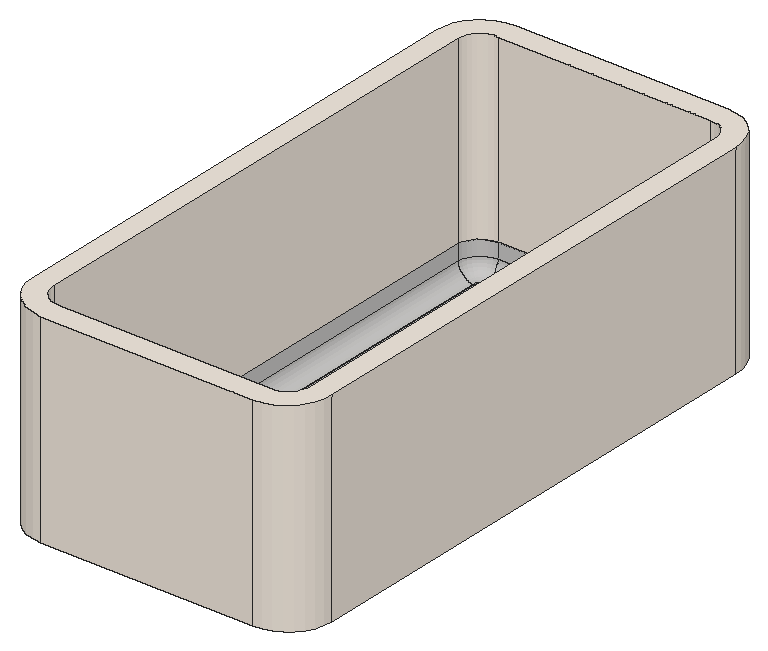
Revit family "Sink-Corian-European-Sparkling-9501", category Plumbing Fixtures, host Face, Revit 2015
Parameters (values of type "9501")
  Width = 174 mm
  WFU = 0
  Version = "2015 - v1.0b"  # constant formula
  URL = "http://www.corian.uk/-the-complete-residential-surfaces-solutions-"
  Sink Colors Available = "Available in all the colours of Corian for kitchen worksurfaces"  # constant formula
  Sink Base = Metal - DuPont - Stainless Steel
  Product Page URL = "http://www.corian.uk/-kitchen-sinks-"
  Model = "Sparkling 9501"  # constant formula
  Manufacturer = "DuPont"  # constant formula
  Length = 344 mm
  Interior Width = 149 mm
  Interior Length = 319 mm
  Interior Depth = 137 mm
  HWFU = 0
  Finish = Solid Surface Sink - DuPont - Bisque
  Description = "Kitchen Sink Europe Specification"  # constant formula
  Depth = 147 mm
  Default Elevation = 1219.2 mm
  Cost = 0
  CWFU = 0
Reference planes
  plane 1 "Center (Front/Back)": y = 0
  plane 2: z = 0
  plane 3 "Center (Left/Right)": x = 0
  plane 4: y = 172
  plane 5: y = -172
  plane 6: x = -87
  plane 7: x = 87
  plane 8: z = -159
  plane 9: x = -74.5
  plane 10: x = 74.5
  plane 11: y = 159.5
  plane 12: y = -159.5
  plane 13 "NAME": z = -12
  plane 14: z = -136.613
  plane 15: z = -149
Forms (mm)
  Extrusion 1, void
    sketch origin (0, 0, 0) x (1, 0, 0) y (0, 1, 0)
      loop
        arc (-74.5, -146.5) -> (-70.692, -155.692) -> (-61.5, -159.5) r 13
        line (-61.5, -159.5) -> (61.5, -159.5)
        arc (61.5, -159.5) -> (70.692, -155.692) -> (74.5, -146.5) r 13
        line (74.5, -146.5) -> (74.5, 146.5)
        arc (74.5, 146.5) -> (70.692, 155.692) -> (61.5, 159.5) r 13
        line (61.5, 159.5) -> (-61.5, 159.5)
        arc (-61.5, 159.5) -> (-70.692, 155.692) -> (-74.5, 146.5) r 13
        line (-74.5, 146.5) -> (-74.5, -146.5)
    from -159 to 0
  Sweep 2, solid, material "Solid Surface Sink - DuPont - Bisque" <- "Finish"
    path origin (0, 0, 0) x (1, 0, 0) y (0, 1, 0)
      loop
        line (61.5, 172) -> (-61.5, 172)
        arc (-61.5, 172) -> (-79.531, 164.531) -> (-87, 146.5) r 25.5
        line (-87, 146.5) -> (-87, -146.5)
        arc (-87, -146.5) -> (-79.531, -164.531) -> (-61.5, -172) r 25.5
        line (-61.5, -172) -> (61.5, -172)
        arc (61.5, -172) -> (79.531, -164.531) -> (87, -146.5) r 25.5
        line (87, -146.5) -> (87, 146.5)
        arc (87, 146.5) -> (79.531, 164.531) -> (61.5, 172) r 25.5
    profile origin (0, 172, 0) x (0, -1, 0) y (0, 0, 1)
      loop
        line (0, -12) -> (0, -129.611) -> (6.25, -129.611) -> (6.25, -118.812) -> (12.5, -118.812) -> (12.5, -12) -> (0, -12)
  Sweep 3, solid, material "Metal - DuPont - Stainless Steel" <- "Sink Base"
    path origin (0, 0, 0) x (1, 0, 0) y (0, 1, 0)
      loop
        line (61.5, 172) -> (-61.5, 172)
        arc (-61.5, 172) -> (-79.531, 164.531) -> (-87, 146.5) r 25.5
        line (-87, 146.5) -> (-87, -146.5)
        arc (-87, -146.5) -> (-79.531, -164.531) -> (-61.5, -172) r 25.5
        line (-61.5, -172) -> (61.5, -172)
        arc (61.5, -172) -> (79.531, -164.531) -> (87, -146.5) r 25.5
        line (87, -146.5) -> (87, 146.5)
        arc (87, 146.5) -> (79.531, 164.531) -> (61.5, 172) r 25.5
    profile origin (0, 172, 0) x (0, -1, 0) y (0, 0, 1)
      loop
        line (10.198, -118.812) -> (10.198, -127.67)
        arc (10.198, -127.67) -> (13.492, -135.62) -> (21.443, -138.912) r 11.243
        line (21.443, -138.912) -> (21.443, -136.612)
        arc (21.443, -136.612) -> (15.119, -133.993) -> (12.5, -127.67) r 8.943
        line (12.5, -127.67) -> (12.5, -118.812) -> (10.198, -118.812)
  Revolve 4, solid, material "Metal - DuPont - Stainless Steel" <- "Sink Base"
    sketch origin (0, 0, 0) x (0, 1, 0) y (0, 0, 1)
      loop
        line (109.2, -158.812) -> (110.383, -158.812)
        arc (110.383, -158.812) -> (120.405, -156.192) -> (127.862, -149) r 20.474
        line (127.862, -149) -> (109.2, -149) -> (109.2, -158.812)
      axis (64.2, -149) -> (64.2, -158.812)
    angle from 0 to 360
  SweptBlend 5, solid, material "Metal - DuPont - Stainless Steel" <- "Sink Base"
    path origin (0, 0, 0) x (1, 0, 0) y (0, 0, 1)
      loop
        line (0, -149) -> (0, -136.613)
    profile origin (0, 0, -149) x (-1, 0, 0) y (0, -1, 0)
      loop
        circle (0, -64.739) r 63.662
    end profile origin (0, 0, -136.613) x (-1, 0, 0) y (0, -1, 0)
      loop
        line (65.557, -146.5) -> (65.557, 146.5)
        arc (65.557, 146.5) -> (64.369, 149.369) -> (61.5, 150.557) r 4.057
        line (61.5, 150.557) -> (-61.5, 150.557)
        arc (-61.5, 150.557) -> (-64.369, 149.369) -> (-65.557, 146.5) r 4.057
        line (-65.557, 146.5) -> (-65.557, -146.5)
        arc (-65.557, -146.5) -> (-64.369, -149.369) -> (-61.5, -150.557) r 4.057
        line (-61.5, -150.557) -> (61.5, -150.557)
        arc (61.5, -150.557) -> (64.369, -149.369) -> (65.557, -146.5) r 4.057
  SweptBlend 6, void
    path origin (0, 0, 0) x (1, 0, 0) y (0, 0, 1)
      loop
        line (0, -149) -> (0, -136.612)
    profile origin (0, 0, -149) x (-1, 0, 0) y (0, -1, 0)
      loop
        circle (0, -64.739) r 45
    end profile origin (0, 0, -136.612) x (-1, 0, 0) y (0, -1, 0)
      loop
        line (55.557, -140.557) -> (55.557, 140.557) -> (-55.557, 140.557) -> (-55.557, -140.557) -> (55.557, -140.557)
Cuts and joins
  SweptBlend 6 cuts Sweep 3
  joined: Sweep 3, Revolve 4
  SweptBlend 6 cuts SweptBlend 5
Lines and regions (mm)
  Masking region 1
    outline origin (-322.065, -4572, -12) x (-1, 0, 0) y (0, -1, 0)
      loop
        arc (-247.565, -4425.5) -> (-251.372, -4416.308) -> (-260.565, -4412.5) r 13
        line (-260.565, -4412.5) -> (-383.565, -4412.5)
        arc (-383.565, -4412.5) -> (-392.757, -4416.308) -> (-396.565, -4425.5) r 13
        line (-396.565, -4425.5) -> (-396.565, -4718.5)
        arc (-396.565, -4718.5) -> (-392.757, -4727.692) -> (-383.565, -4731.5) r 13
        line (-383.565, -4731.5) -> (-260.565, -4731.5)
        arc (-260.565, -4731.5) -> (-251.372, -4727.692) -> (-247.565, -4718.5) r 13
        line (-247.565, -4718.5) -> (-247.565, -4425.5)
  Masking region 2, detail levels medium+fine
    outline origin (-322.065, -4572, -12) x (-1, 0, 0) y (0, -1, 0)
      loop
        circle (-322.065, -4636.739) r 45
  Masking region 3, detail levels fine
    outline origin (-322.065, -4572, -12) x (-1, 0, 0) y (0, -1, 0)
      loop
        arc (-256.508, -4425.5) -> (-257.696, -4422.631) -> (-260.565, -4421.443) r 4.057
        line (-260.565, -4421.443) -> (-383.565, -4421.443)
        arc (-383.565, -4421.443) -> (-386.434, -4422.631) -> (-387.622, -4425.5) r 4.057
        line (-387.622, -4425.5) -> (-387.622, -4718.5)
        arc (-387.622, -4718.5) -> (-386.434, -4721.369) -> (-383.565, -4722.557) r 4.057
        line (-383.565, -4722.557) -> (-260.565, -4722.557)
        arc (-260.565, -4722.557) -> (-257.696, -4721.369) -> (-256.508, -4718.5) r 4.057
        line (-256.508, -4718.5) -> (-256.508, -4425.5)
Dimensions and locks
  equal spacing: plane 4, plane 1 "Center (Front/Back)", plane 5
  equal spacing: plane 6, plane 3 "Center (Left/Right)", plane 7
  "Length": plane 4 to plane 5
  "Width": plane 6 to plane 7
  equal spacing: plane 9, plane 3 "Center (Left/Right)", plane 10
  equal spacing: plane 11, plane 1 "Center (Front/Back)", plane 12
  "Interior Width": plane 9 to plane 10
  "Interior Length": plane 11 to plane 12
  locked: plane 2 to plane 13 "NAME" at 12
  "Depth": plane 13 "NAME" to plane 8
  plane 6 to Sweep 2 sketch curve to Sweep 2 sketch curve = 25.5 mm locked, 0 mm locked
  Sweep 2 sketch curve to Sweep 2 sketch curve to plane 7 = 0 mm locked, 25.5 mm locked
  plane 4 to Sweep 2 sketch curve to Sweep 2 sketch curve = 25.5 mm locked, 0 mm locked
  Sweep 2 sketch curve to Sweep 2 sketch curve to plane 5 = 0 mm locked, 25.5 mm locked
  plane 9 to Masking region 3 sketch curve to Masking region 3 sketch curve to Masking region 3 sketch curve = 8.943 mm locked, 4.057 mm locked, 0 mm locked
  Masking region 3 sketch curve to Masking region 3 sketch curve to Masking region 3 sketch curve to plane 10 = 0 mm locked, 4.057 mm locked, 8.943 mm locked
  plane 11 to Masking region 3 sketch curve to Masking region 3 sketch curve to Masking region 3 sketch curve = 8.943 mm locked, 4.057 mm locked, 0 mm locked
  Masking region 3 sketch curve to Masking region 3 sketch curve to Masking region 3 sketch curve to plane 12 = 0 mm locked, 4.057 mm locked, 8.943 mm locked
  Sweep 2 sketch curve to Sweep 2 sketch curve to plane 14 = 10.798 mm locked, 7.002 mm locked
  locked: plane 4 to Sweep 2 sketch curve at 6.25
  Sweep 3 sketch curve to Sweep 3 sketch curve to plane 10 to Sweep 3 sketch curve = 0 mm locked, 13 mm locked, 12.5 mm locked
  Sweep 3 sketch curve to plane 11 to Sweep 3 sketch curve to Sweep 3 sketch curve = 12.5 mm locked, 13 mm locked, 0 mm locked
  Sweep 3 sketch curve to Sweep 3 sketch curve to plane 12 to Sweep 3 sketch curve = 0 mm locked, 13 mm locked, 12.5 mm locked
  Sweep 3 sketch curve to plane 9 to Sweep 3 sketch curve to Sweep 3 sketch curve = 12.5 mm locked, 13 mm locked, 0 mm locked
  Sweep 3 sketch curve to plane 11 to Sweep 3 sketch curve to Sweep 3 sketch curve = 2.302 mm locked, 0 mm locked, 8.943 mm locked
  Revolve 4 sketch curve to Revolve 4 sketch curve to Revolve 4 sketch curve to plane 1 "Center (Front/Back)" = 18.662 mm locked, 45 mm locked, 64.2 mm locked
  plane 11 to SweptBlend 5 sketch curve to SweptBlend 5 sketch curve to SweptBlend 5 sketch curve = 8.943 mm locked, 4.057 mm locked, 0 mm locked
  SweptBlend 5 sketch curve to SweptBlend 5 sketch curve to SweptBlend 5 sketch curve to plane 12 = 0 mm locked, 4.057 mm locked, 8.943 mm locked
  plane 9 to SweptBlend 5 sketch curve to SweptBlend 5 sketch curve to SweptBlend 5 sketch curve = 8.943 mm locked, 4.057 mm locked, 0 mm locked
  SweptBlend 5 sketch curve to SweptBlend 5 sketch curve to SweptBlend 5 sketch curve to plane 10 = 0 mm locked, 4.057 mm locked, 8.943 mm locked
  plane 11 to SweptBlend 6 sketch curve = 18.943 mm
  locked: SweptBlend 6 sketch curve to plane 12 at 18.943
  locked: plane 9 to SweptBlend 6 sketch curve at 18.943
  locked: SweptBlend 6 sketch curve to plane 10 at 18.943
  plane 15 to Revolve 4 sketch curve to Revolve 4 sketch curve = 0 mm locked, 9.812 mm locked
  locked: plane 14 to plane 15 at 12.387
  "Interior Depth": plane 13 "NAME" to plane 15
  locked: plane 11 to Masking region 2 sketch curve at 94.761
  locked: plane 11 to SweptBlend 5 sketch curve at 94.761
  locked: plane 11 to SweptBlend 6 sketch curve at 94.761
  Sweep 3 sketch curve to Sweep 3 sketch curve to Sweep 3 sketch curve to Sweep 3 sketch curve to Sweep 3 sketch curve to plane 8 = 8.857 mm locked, 0 mm locked, 8.943 mm locked, 2.3 mm locked, 20.088 mm locked
  aligned and locked: plane 2 to host face
  aligned and locked: level to host face
  aligned and locked: level to Extrusion 1
  aligned and locked: plane 11 to Extrusion 1 sketch curve
  aligned and locked: Extrusion 1 sketch curve to plane 10
  aligned and locked: plane 12 to Extrusion 1 sketch curve
  aligned and locked: plane 9 to Extrusion 1 sketch curve
  aligned and locked: Sweep 2 sketch curve to plane 6
  aligned and locked: Sweep 2 sketch curve to plane 7
  aligned and locked: plane 4 to Sweep 2 sketch curve  (x2)
  aligned and locked: plane 5 to Sweep 2 sketch curve
  aligned and locked: Sweep 2 sketch curve to plane 13 "NAME"
  aligned and locked: Masking region 1 sketch curve to plane 10
  aligned and locked: plane 11 to Masking region 1 sketch curve
  aligned and locked: plane 9 to Masking region 1 sketch curve
  aligned and locked: plane 12 to Masking region 1 sketch curve
  aligned and locked: plane 11 to Sweep 2 sketch curve
  aligned and locked: Extrusion 1 to plane 8
  aligned and locked: Revolve 4 to SweptBlend 5 sketch curve
  aligned and locked: Sweep 3 to SweptBlend 5 sketch curve
  aligned and locked: SweptBlend 5 sketch curve to Revolve 4
  aligned and locked: plane 3 "Center (Left/Right)" to SweptBlend 5 sketch curve
  aligned and locked: plane 3 "Center (Left/Right)" to SweptBlend 6 sketch curve  (x2)
  aligned and locked: plane 14 to SweptBlend 6 sketch curve
  aligned and locked: plane 15 to SweptBlend 6 sketch curve
  aligned and locked: plane 15 to Revolve 4 sketch curve
  aligned and locked: plane 3 "Center (Left/Right)" to Masking region 2 sketch curve
Automatic sketch dimensions
  host sketch curve to host sketch curve = 2438.4 mm  (x2)
  plane 9 to Extrusion 1 sketch curve = 13 mm  (x2)
  Extrusion 1 sketch curve to plane 10 = 13 mm  (x2)
  Masking region 1 sketch curve to Masking region 1 sketch curve = 13 mm
  plane 9 to Masking region 1 sketch curve = 13 mm  (x2)
  Masking region 1 sketch curve to plane 10 = 13 mm
  Revolve 4 sketch curve to Revolve 4 sketch curve = 1.183 mm
  Revolve 4 sketch curve to plane 15 = 9.812 mm
  radius of Masking region 2 sketch curve = 45 mm
  radius of SweptBlend 5 sketch curve = 63.662 mm
  radius of SweptBlend 6 sketch curve = 45 mm
Connectors
  piping at (0, 64.2, -158.812), diameter 90
    settings: on cut or joined group of Sweep 3, Revolve 4, SweptBlend 6, index 1, connector inside diameter 24", connector length 0 mm, flow factor 0, pipe flow 0 GPM, pressure drop 0.00 psi, fitting loss kfactor 0, connector angle 0.00°, fixture units 0, engagement length 0 mm, angle of deflection 0.00°, flow configuration 0, flow direction 2, fitting loss method 0, system type 16, joint type 0, gender type 0, connector reference index -1, connector utility 0, adjustable connector no, is connector primary yes, connector description "Drain"
